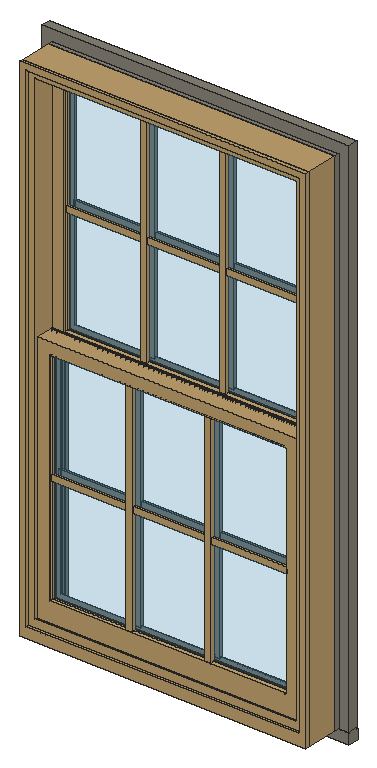
Revit family (continued)
Definition of nested family "Double_Hung_Plan_Detail"
  Dimensions and locks (in)
    aligned and locked: curve 7 to nested 2
    aligned and locked: curve 8 to nested 2
    aligned and locked: nested 2 to curve 7
    aligned and locked: nested 1 to curve 7
    aligned and locked: nested 2 to curve 8
    aligned and locked: nested 1 to curve 8
    aligned and locked: nested 2 to curve 9  (x2)
  Automatic sketch dimensions
    curve 5 to curve 7 = 0' - 0"
    curve 6 to curve 8 = 0' - 0"
    curve 2 to curve 4 = 0' - 0"
    curve 1 to curve 3 = 0' - 0"
    curve 1 to curve 9 = 0' - 0.93714"
  Nested families (in)
    nested 1: "Jamb" at (17.6875, 0, 0) x (-1, 0, 0) z (0, 0, 1), type "Jamb", in view "Ref. Level"
    nested 2: "Jamb" at (-17.6875, 0, 0), type "Jamb", in view "Ref. Level"
  Definition of nested family "Jamb"
    Parameters (values of type "Jamb")
      Flange Visibility = not(Casing)  # no
      Casing = yes
      Assembly Code = ""
    Reference planes (in)
      plane 1 "Center (Front/Back)": y = 0
      plane 2: z = 0
      plane 3 "Center (Left/Right)": x = 0
    Lines and regions (in)
      detail lines, style "Cut Lines", in view "Ref. Level"
        curve 1: line (0, -1.09375, 0) -> (0, 4.5625, 0)
        curve 2: line (1.5, 4.5625, 0) -> (0, 4.5625, 0)
        curve 3: line (1.5, 0.125, 0) -> (1.5, 4.5625, 0)
        curve 4: line (1.78125, 0.125, 0) -> (1.5, 0.125, 0)
        curve 5: line (1.78125, -0.21875, 0) -> (1.78125, 0.125, 0)
        curve 6: line (0.59375, -1.09375, 0) -> (0.66381, -0.625, 0)
        curve 7: line (0, -1.09375, 0) -> (0.59375, -1.09375, 0)
        curve 8: line (1.59375, 1.96875, 0) -> (1.59375, 0.21875, 0)
        curve 9: line (3.0625, 0.21875, 0) -> (1.59375, 0.21875, 0)
        curve 10: line (3.0625, 0.36988, 0) -> (3.0625, 0.21875, 0)
        curve 11: line (3.25, 0.52655, 0) -> (3.0625, 0.36988, 0)
        curve 12: line (2.5, 0.5625, 0) -> (3.25, 0.5625, 0)
        curve 13: line (2.5, 1.53125, 0) -> (2.5, 0.5625, 0)
        curve 14: line (3.25, 1.53125, 0) -> (2.5, 1.53125, 0)
        curve 15: line (3.25, 1.68282, 0) -> (3.25, 1.53125, 0)
        curve 16: line (3.03099, 1.96875, 0) -> (3.03099, 1.90183, 0)
        curve 17: line (1.59375, 1.96875, 0) -> (3.03099, 1.96875, 0)
        curve 18: line (3.25, 0.5625, 0) -> (3.25, 0.52655, 0)
        curve 19: line (3.03099, 1.90183, 0) -> (3.25, 1.68282, 0)
        curve 20: line (2.625, 1.48438, 0) -> (2.625, 0.60937, 0)
        curve 21: line (2.9375, 1.35937, 0) -> (2.9375, 0.73438, 0)
        curve 27: line (1.49386, -0.625, 0) -> (0.66381, -0.625, 0)
        curve 28: line (1.49386, -0.39825, 0) -> (1.49386, -0.625, 0)
        curve 29: line (1.61586, -0.39825, 0) -> (1.49386, -0.39825, 0)
        curve 30: line (1.68786, -0.35, 0) -> (1.68786, -0.601, 0)
        curve 31: line (1.61586, -0.601, 0) -> (1.61586, -0.39825, 0)
        curve 32: line (1.61586, -0.601, 0) -> (1.68786, -0.601, 0)
        curve 33: line (1.59786, -0.21875, 0) -> (1.59786, -0.35, 0)
        curve 34: line (1.59786, -0.35, 0) -> (1.68786, -0.35, 0)
        curve 35: line (0.9375, -0.625, 0) -> (0.9375, -0.21875, 0)
        curve 36: line (0.9375, -0.21875, 0) -> (1.78125, -0.21875, 0)
        curve 37: line (1.59375, 4.21875, 0) -> (1.59375, 2.46875, 0)
        curve 38: line (3.0625, 2.46875, 0) -> (1.59375, 2.46875, 0)
        curve 39: line (3.0625, 2.61988, 0) -> (3.0625, 2.46875, 0)
        curve 40: line (3.25, 2.77655, 0) -> (3.0625, 2.61988, 0)
        curve 41: line (2.5, 2.8125, 0) -> (3.25, 2.8125, 0)
        curve 42: line (2.5, 3.78125, 0) -> (2.5, 2.8125, 0)
        curve 43: line (3.25, 3.78125, 0) -> (2.5, 3.78125, 0)
        curve 44: line (3.25, 3.93282, 0) -> (3.25, 3.78125, 0)
        curve 45: line (3.03099, 4.21875, 0) -> (3.03099, 4.15183, 0)
        curve 46: line (1.59375, 4.21875, 0) -> (3.03099, 4.21875, 0)
        curve 47: line (3.25, 2.8125, 0) -> (3.25, 2.77655, 0)
        curve 48: line (3.03099, 4.15183, 0) -> (3.25, 3.93282, 0)
        curve 49: line (2.625, 3.73438, 0) -> (2.625, 2.85938, 0)
        curve 50: line (2.9375, 3.60937, 0) -> (2.9375, 2.98438, 0)
      detail lines, style "Cut Lines", in view "Ref. Level", visible <- "Flange Visibility"
        curve 22: line (-1.5, 0, 0) -> (-0.15, 0, 0)
        curve 23: line (0, -0.04501, 0) -> (-1.5, -0.04501, 0)
        curve 24: line (-1.5, -0.04501, 0) -> (-1.5, 0, 0)
        curve 25: line (-0.15, 0.10999, 0) -> (0, 0.10999, 0)
        curve 26: line (-0.15, 0, 0) -> (-0.15, 0.10999, 0)
Definition of nested family "Double_Hung_Section_Detail"
  Parameters (values of type "Double_Hung_Section_Detail")
    Subsill Visibility = yes
    Height = 5' - 3 1/2"
    Casing Visibility = yes
    Assembly Code = ""
  Reference planes (in)
    plane 1 "Center (Front/Back)": y = 0.8125
    plane 2: z = 0
    plane 3 "Center (Left/Right)": x = 0
    plane 4: y = 31.75
    plane 5: y = 28.53125
    plane 6: y = -31.75
    plane 7: y = -26.90625
  Lines and regions (in)
    detail lines, style "Cut Lines", in view "Ref. Level"
      curve 1: line (-1.48438, 1.15625, 0) -> (-1.48438, 29.15625, 0)
      curve 2: line (-0.60938, 1.15625, 0) -> (-0.60938, 29.15625, 0)
      curve 3: line (-1.35938, 1.15625, 0) -> (-1.35938, 29.15625, 0)
      curve 4: line (-0.73438, 1.15625, 0) -> (-0.73438, 29.15625, 0)
      curve 5: line (-3.73437, -27.53125, 0) -> (-3.73437, 0.46875, 0)
      curve 6: line (-2.85937, -27.53125, 0) -> (-2.85937, 0.46875, 0)
      curve 7: line (-3.60937, -27.53125, 0) -> (-3.60937, 0.46875, 0)
      curve 8: line (-2.98437, -27.53125, 0) -> (-2.98437, 0.46875, 0)
    detail lines, style "DetailComponentsHiddenLines", in view "Ref. Level"
      curve 9: line (0.601, -30.21839, 0) -> (0.601, 30.06214, 0)
  Dimensions and locks (in)
    plane 4 to plane 5 = 0' - 3 7/32"
    plane 6 to plane 7 = 0' - 4 27/32"
    "Height": plane 4 to plane 6
    equal spacing: plane 5, plane 1 "Center (Front/Back)", plane 7
    aligned and locked: plane 3 "Center (Left/Right)" to nested 1
    aligned and locked: nested 1 to plane 6
    aligned and locked: plane 3 "Center (Left/Right)" to nested 2
    aligned and locked: plane 4 to nested 2
    aligned and locked: nested 3 to plane 1 "Center (Front/Back)"
    aligned and locked: plane 3 "Center (Left/Right)" to nested 3
    aligned and locked: curve 1 to nested 3  (x2)
    aligned and locked: nested 3 to curve 2
    aligned and locked: curve 2 to nested 3
    aligned and locked: curve 3 to nested 3
    aligned and locked: nested 2 to curve 3
    aligned and locked: nested 3 to curve 3
    aligned and locked: curve 4 to nested 3
    aligned and locked: nested 2 to curve 4
    aligned and locked: nested 3 to curve 4
    aligned and locked: curve 5 to nested 1  (x2)
    aligned and locked: nested 1 to curve 6
    aligned and locked: curve 6 to nested 1
    aligned and locked: curve 7 to nested 1
    aligned and locked: curve 8 to nested 1
    aligned and locked: nested 3 to curve 7
    aligned and locked: nested 1 to curve 7
    aligned and locked: nested 1 to curve 8
    aligned and locked: nested 3 to curve 8
    aligned and locked: nested 1 to curve 9  (x2)
  Automatic sketch dimensions
    curve 4 to curve 2 = 0' - 0 1/8"
    curve 5 to curve 7 = 0' - 0"
    curve 6 to curve 8 = 0' - 0"
    curve 2 to curve 4 = 0' - 0"
    curve 1 to curve 3 = 0' - 0"
    curve 2 to curve 9 = 0' - 0.90589"
  Nested families (in)
    nested 1: "Sill" at (0, -31.75, 0) x (-1, 0, 0) z (0, 0, 1), type "Sill", in view "Ref. Level"
    nested 2: "Head" at (0, 31.75, 0) x (-1, 0, 0) z (0, 0, 1), type "Head", in view "Ref. Level"
    nested 3: "Checkrail" at (0, 0.8125, 0) x (-1, 0, 0) z (0, 0, 1), type "Checkrail", in view "Ref. Level"
  Definition of nested family "Sill"
    Parameters (values of type "Jamb")
      Flange Visibility = not(Casing)  # no
      Casing = yes
      Assembly Code = ""
    Reference planes (in)
      plane 1 "Center (Front/Back)": y = 0
      plane 2: z = 0
      plane 3 "Center (Left/Right)": x = 0
    Lines and regions (in)
      detail lines, style "Cut Lines", in view "Ref. Level"
        curve 1: line (-1.09375, 0, 0) -> (4.5625, 0, 0)
        curve 2: line (4.5625, 2.22769, 0) -> (4.5625, 0, 0)
        curve 3: line (3.3125, 1.6875, 0) -> (4.3125, 1.6875, 0)
        curve 4: line (-1.09375, 0.59375, 0) -> (-0.23437, 0.72218, 0)
        curve 5: line (-1.09375, 0, 0) -> (-1.09375, 0.59375, 0)
        curve 6: line (-0.625, 1.33761, 0) -> (-0.625, 0.78125, 0)
        curve 7: line (-0.39825, 1.33761, 0) -> (-0.625, 1.33761, 0)
        curve 8: line (-0.39825, 1.45961, 0) -> (-0.39825, 1.33761, 0)
        curve 9: line (-0.35, 1.53161, 0) -> (-0.601, 1.53161, 0)
        curve 10: line (-0.601, 1.45961, 0) -> (-0.39825, 1.45961, 0)
        curve 11: line (-0.601, 1.45961, 0) -> (-0.601, 1.53161, 0)
        curve 12: line (-0.25, 1.44161, 0) -> (-0.35, 1.44161, 0)
        curve 13: line (-0.35, 1.44161, 0) -> (-0.35, 1.53161, 0)
        curve 14: line (-0.625, 0.78125, 0) -> (-0.25, 0.78125, 0)
        curve 15: line (-0.25, 0.78125, 0) -> (-0.25, 1.44161, 0)
        curve 16: line (4.21875, 1.90625, 0) -> (2.71875, 1.90625, 0)
        curve 17: line (2.46875, 4.65625, 0) -> (2.46875, 1.55765, 0)
        curve 18: line (2.61988, 4.65625, 0) -> (2.46875, 4.65625, 0)
        curve 19: line (2.77655, 4.84375, 0) -> (2.61988, 4.65625, 0)
        curve 20: line (2.8125, 4.09375, 0) -> (2.8125, 4.84375, 0)
        curve 21: line (3.78125, 4.09375, 0) -> (2.8125, 4.09375, 0)
        curve 22: line (3.78125, 4.84375, 0) -> (3.78125, 4.09375, 0)
        curve 23: line (3.93282, 4.84375, 0) -> (3.78125, 4.84375, 0)
        curve 24: line (4.21875, 4.62474, 0) -> (4.15183, 4.62474, 0)
        curve 25: line (4.21875, 1.90625, 0) -> (4.21875, 4.62474, 0)
        curve 26: line (2.8125, 4.84375, 0) -> (2.77655, 4.84375, 0)
        curve 27: line (4.15183, 4.62474, 0) -> (3.93282, 4.84375, 0)
        curve 28: line (3.73438, 4.21875, 0) -> (2.85938, 4.21875, 0)
        curve 29: line (3.60938, 4.53125, 0) -> (2.98438, 4.53125, 0)
        curve 35: line (4.5625, 2.22769, 0) -> (4.3125, 2.22769, 0)
        curve 36: line (4.3125, 2.22769, 0) -> (4.3125, 1.6875, 0)
        curve 37: line (3.3125, 1.6875, 0) -> (-0.23437, 0.80316, 0)
        curve 38: line (-0.23437, 0.80316, 0) -> (-0.23437, 0.72218, 0)
        curve 39: line (2.46875, 1.55765, 0) -> (2.71875, 1.61998, 0)
        curve 40: line (2.71875, 1.90625, 0) -> (2.71875, 1.61998, 0)
      detail lines, style "Cut Lines", in view "Ref. Level", visible <- "Flange Visibility"
        curve 30: line (-0.04501, -1.25, 0) -> (-0.04501, -0.04688, 0)
        curve 31: line (0, 0, 0) -> (0, -1.25, 0)
        curve 32: line (0, -1.25, 0) -> (-0.04501, -1.25, 0)
        curve 33: line (-0.28125, -0.04688, 0) -> (-0.28125, 0, 0)
        curve 34: line (-0.04501, -0.04688, 0) -> (-0.28125, -0.04688, 0)
  Definition of nested family "Head"
    Parameters (values of type "Head")
      Flange Visibility = not(Casing)  # no
      Casing = yes
      Assembly Code = ""
    Reference planes (in)
      plane 1 "Center (Front/Back)": y = 0
      plane 2: z = 0
      plane 3 "Center (Left/Right)": x = 0
    Lines and regions (in)
      detail lines, style "Cut Lines", in view "Ref. Level"
        curve 1: line (-1.09375, 0, 0) -> (4.5625, 0, 0)
        curve 2: line (4.5625, -0.68686, 0) -> (4.5625, 0, 0)
        curve 3: line (2.06079, -1.5, 0) -> (2.68579, -1.5, 0)
        curve 4: line (0.125, -1.78125, 0) -> (0.125, -1.375, 0)
        curve 5: line (-0.21875, -1.78125, 0) -> (0.125, -1.78125, 0)
        curve 6: line (-1.09375, -0.59375, 0) -> (-0.625, -0.66381, 0)
        curve 7: line (-1.09375, 0, 0) -> (-1.09375, -0.59375, 0)
        curve 8: line (0.75049, -1.5625, 0) -> (0.21875, -1.5625, 0)
        curve 9: line (0.21875, -3.03125, 0) -> (0.21875, -1.5625, 0)
        curve 10: line (0.36988, -3.03125, 0) -> (0.21875, -3.03125, 0)
        curve 11: line (0.52655, -3.21875, 0) -> (0.36988, -3.03125, 0)
        curve 12: line (0.5625, -2.46875, 0) -> (0.5625, -3.21875, 0)
        curve 13: line (1.53125, -2.46875, 0) -> (0.5625, -2.46875, 0)
        curve 14: line (1.53125, -3.21875, 0) -> (1.53125, -2.46875, 0)
        curve 15: line (1.68282, -3.21875, 0) -> (1.53125, -3.21875, 0)
        curve 16: line (1.96875, -2.99974, 0) -> (1.90183, -2.99974, 0)
        curve 17: line (1.96875, -0.81212, 0) -> (1.96875, -2.99974, 0)
        curve 18: line (0.5625, -3.21875, 0) -> (0.52655, -3.21875, 0)
        curve 19: line (1.90183, -2.99974, 0) -> (1.68282, -3.21875, 0)
        curve 20: line (1.48438, -2.59375, 0) -> (0.60938, -2.59375, 0)
        curve 21: line (1.35938, -2.90625, 0) -> (0.73438, -2.90625, 0)
        curve 27: line (-0.625, -1.49386, 0) -> (-0.625, -0.66381, 0)
        curve 28: line (-0.39825, -1.49386, 0) -> (-0.625, -1.49386, 0)
        curve 29: line (-0.39825, -1.61586, 0) -> (-0.39825, -1.49386, 0)
        curve 30: line (-0.35, -1.68786, 0) -> (-0.601, -1.68786, 0)
        curve 31: line (-0.601, -1.61586, 0) -> (-0.39825, -1.61586, 0)
        curve 32: line (-0.601, -1.61586, 0) -> (-0.601, -1.68786, 0)
        curve 33: line (-0.21875, -1.59786, 0) -> (-0.35, -1.59786, 0)
        curve 34: line (-0.35, -1.59786, 0) -> (-0.35, -1.68786, 0)
        curve 35: line (-0.625, -0.9375, 0) -> (-0.21875, -0.9375, 0)
        curve 36: line (-0.21875, -0.9375, 0) -> (-0.21875, -1.78125, 0)
        curve 37: line (4.5625, -0.68686, 0) -> (2.68579, -0.68686, 0)
        curve 38: line (2.68579, -0.68686, 0) -> (2.68579, -1.5, 0)
        curve 39: line (2.06079, -0.68686, 0) -> (0.21875, -0.68686, 0)
        curve 40: line (2.06079, -0.68686, 0) -> (2.06079, -1.5, 0)
        curve 41: line (0.21875, -0.68686, 0) -> (0.21875, -1.1875, 0)
        curve 42: line (0.29688, -1.375, 0) -> (0.125, -1.375, 0)
        curve 43: line (1.96875, -0.81212, 0) -> (0.87453, -0.81212, 0)
        curve 44: line (0.87453, -0.81212, 0) -> (0.87453, -1.25087, 0)
        curve 45: line (0.87453, -1.25087, 0) -> (0.75049, -1.51688, 0)
        curve 46: line (0.75049, -1.51688, 0) -> (0.75049, -1.5625, 0)
        curve 47: line (0.29688, -1.1875, 0) -> (0.29688, -1.375, 0)
        curve 48: line (0.21875, -1.1875, 0) -> (0.29688, -1.1875, 0)
      detail lines, style "Cut Lines", in view "Ref. Level", visible <- "Flange Visibility"
        curve 22: line (0, 1.5, 0) -> (0, 0.15, 0)
        curve 23: line (-0.04501, 0, 0) -> (-0.04501, 1.5, 0)
        curve 24: line (-0.04501, 1.5, 0) -> (0, 1.5, 0)
        curve 25: line (0.10999, 0.15, 0) -> (0.10999, 0, 0)
        curve 26: line (0, 0.15, 0) -> (0.10999, 0.15, 0)
  Definition of nested family "Checkrail"
    Parameters (values of type "Jamb")
      Flange Visibility = not(Casing)  # no
      Casing = yes
      Assembly Code = ""
    Reference planes (in)
      plane 1 "Center (Front/Back)": y = 0
      plane 2: z = 0
      plane 3 "Center (Left/Right)": x = 0
    Lines and regions (in)
      detail lines, style "Cut Lines", in view "Ref. Level"
        curve 1: line (4.21875, 0.75, 0) -> (2.1875, 0.75, 0)
        curve 2: line (2.46875, -0.78125, 0) -> (2.46875, -0.34375, 0)
        curve 3: line (2.61988, -0.78125, 0) -> (2.46875, -0.78125, 0)
        curve 4: line (2.77655, -0.96875, 0) -> (2.61988, -0.78125, 0)
        curve 5: line (2.8125, -0.21875, 0) -> (2.8125, -0.96875, 0)
        curve 6: line (3.78125, -0.21875, 0) -> (2.8125, -0.21875, 0)
        curve 7: line (3.78125, -0.96875, 0) -> (3.78125, -0.21875, 0)
        curve 8: line (3.93282, -0.96875, 0) -> (3.78125, -0.96875, 0)
        curve 9: line (4.21875, -0.74974, 0) -> (4.15183, -0.74974, 0)
        curve 10: line (4.21875, 0.75, 0) -> (4.21875, -0.74974, 0)
        curve 11: line (2.8125, -0.96875, 0) -> (2.77655, -0.96875, 0)
        curve 12: line (4.15183, -0.74974, 0) -> (3.93282, -0.96875, 0)
        curve 13: line (3.73438, -0.34375, 0) -> (2.85938, -0.34375, 0)
        curve 14: line (3.60938, -0.65625, 0) -> (2.98438, -0.65625, 0)
        curve 15: line (2.35938, -0.78125, 0) -> (0.21875, -0.78125, 0)
        curve 16: line (0.21875, 0.78125, 0) -> (0.21875, -0.78125, 0)
        curve 17: line (0.36988, 0.78125, 0) -> (0.21875, 0.78125, 0)
        curve 18: line (0.52655, 0.96875, 0) -> (0.36988, 0.78125, 0)
        curve 19: line (0.5625, 0.21875, 0) -> (0.5625, 0.96875, 0)
        curve 20: line (1.53125, 0.21875, 0) -> (0.5625, 0.21875, 0)
        curve 21: line (1.53125, 0.96875, 0) -> (1.53125, 0.21875, 0)
        curve 22: line (1.68282, 0.96875, 0) -> (1.53125, 0.96875, 0)
        curve 23: line (2.09375, 0.74974, 0) -> (1.90183, 0.74974, 0)
        curve 24: line (2.09375, -0.73437, 0) -> (2.09375, 0.74974, 0)
        curve 25: line (0.5625, 0.96875, 0) -> (0.52655, 0.96875, 0)
        curve 26: line (1.90183, 0.74974, 0) -> (1.68282, 0.96875, 0)
        curve 27: line (1.48438, 0.34375, 0) -> (0.60938, 0.34375, 0)
        curve 28: line (1.35938, 0.65625, 0) -> (0.73438, 0.65625, 0)
        curve 29: line (2.1875, -0.62373, 0) -> (2.1875, 0.75, 0)
        curve 30: line (2.46875, -0.34375, 0) -> (2.23484, -0.34375, 0)
        curve 31: line (2.1875, -0.62373, 0) -> (2.23484, -0.62373, 0)
        curve 32: line (2.23484, -0.62373, 0) -> (2.23484, -0.34375, 0)
        curve 33: line (2.35938, -0.4375, 0) -> (2.35938, -0.78125, 0)
        curve 34: line (2.35938, -0.4375, 0) -> (2.31297, -0.4375, 0)
        curve 35: line (2.31297, -0.4375, 0) -> (2.31297, -0.73437, 0)
        curve 36: line (2.31297, -0.73437, 0) -> (2.09375, -0.73437, 0)
        curve 37: line (-0.53064, 0.34375, 0) -> (-0.24939, 0.34375, 0)
        curve 38: line (-0.53064, -0.40625, 0) -> (-0.53064, 0.34375, 0)
        curve 39: line (-0.24939, -0.40625, 0) -> (-0.53064, -0.40625, 0)
        curve 40: line (-0.24939, 0.34375, 0) -> (-0.24939, -0.40625, 0)
Definition of nested family "Label Annotation 1-16 w"
  Parameters
    Label = ""
    Egress Info = ""
    Description = "3040 Csmt"
  Reference planes (in)
    plane 1: y = 0
    plane 2: x = 0
  Text (in)
    label "Description Egress Info" at (0.00375, -0.00345, 0), shows "Description", "Egress Info"
